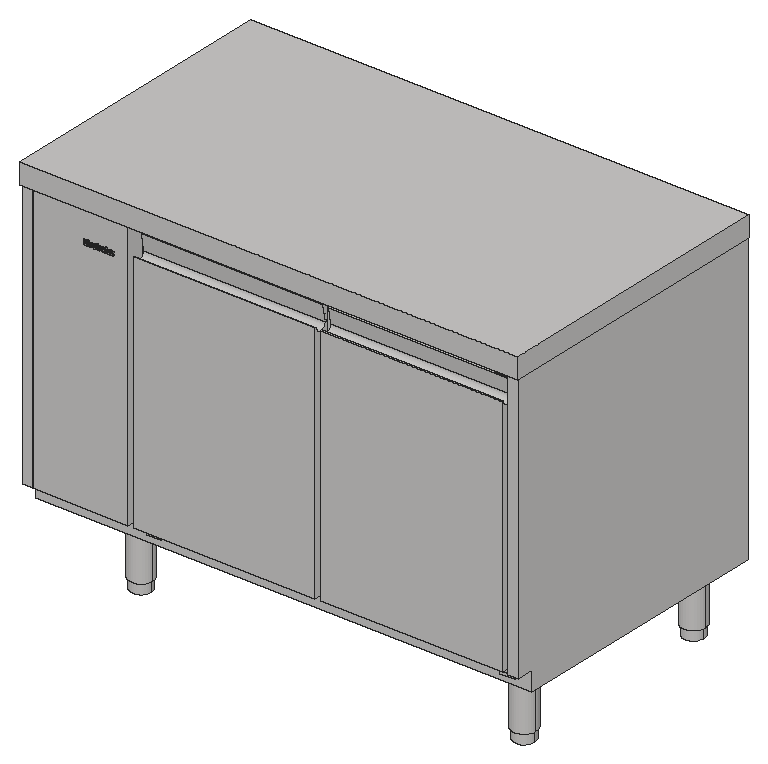
Revit family "QF_ELECTROLUXPROFESSIONAL_710294_EH2MRAA", category Specialty Equipment, Revit 2018
Family settings
  Round Connector Dimension = Use Diameter
  Part Type = Normal
  Work Plane-Based = No
  Always vertical = Yes
  Cut with Voids When Loaded = No
  Shared = No
  Room Calculation Point = No
Parameters
  Weight = 0.00 kg
  Watts = 0 W
  Volts = 220 V
  URL Manufacturer = "http://professional.electrolux.com/"
  URL = "http://professional.electrolux.com/"
  Steam Supply Size = 0 mm
  Steam Supply Minimum Pressure = 0.0 Pa
  Steam Supply Maximum Pressure = 0.0 Pa
  Steam Pounds per Hour = 0
  Show Logo [instance] = yes
  Show Clearance [instance] = yes
  Refrigeration Suction Line Size = 0 mm
  Refrigeration Liquid Line Size = 0 mm
  Refrigerant Compressor Remote = yes
  Manufacturer = "Electrolux"
  Phase = 1
  Model = "EH2RRAA"
  Length Actual = 1207 mm  # constant formula
  Item Number = "710003"
  Hot Water Size = 0 mm
  Height Actual = 900 mm  # constant formula
  HP = "0.1 HP"
  Gas Size = 0 mm
  Gas KW = 0
  Gas Input Pressure = 0 W
  Direct Waste Size = 0 mm
  Description = "REFRIGER.COUNTER 290LT 2DOOR, REMOTE"
  Depth Actual = 700 mm  # constant formula
  Cycle = 0 Hz
  Condensate Return Size = 0 mm
  Compressed Air Volume = 0.0 L/s
  Compressed Air Size = 0 mm
  Compressed Air Pressure = 0.0 Pa
  Cold Water Size = 0 mm
  Accessory = yes
Reference planes
  plane 1 "Center X": y = 182.5
  plane 2: z = 0
  plane 3 "Center Y": x = -57.5
  plane 4: y = -62.5
  plane 5: y = 451.5
  plane 6 "BACK": y = 532.5
  plane 7 "FRONT": y = -167.5
  plane 8: x = -452
  plane 9: x = 478
  plane 10: z = 150
  plane 11 "TOP": z = 900
  plane 12: z = 850
  plane 13: x = -659
  plane 14: x = 544
  plane 15 "LEFT": x = -661
  plane 16 "RIGHT": x = 546
Forms (mm)
  Extrusion 1, solid, material "QF_Finishes_Stainless Steel"
    sketch origin (-57.5, 2, 0) x (0, 1, 0) y (0, 0, 1)
      loop
        line (530.5, 150) -> (530.5, 850) -> (-124.5, 850) -> (-124.5, 150) -> (530.5, 150)
    from -601.5 to 601.5
  Extrusion 2, solid, material "QF_Finishes_Stainless Steel"
    sketch origin (-1022.223, -1524, 150) x (-1, 0, 0) y (0, -1, 0)
      loop
        line (-363.223, -1361.5) -> (-388.223, -1361.5) -> (-388.223, -1401.5) -> (-363.223, -1401.5) -> (-363.223, -1361.5)
      loop
        line (-1566.223, -1401.5) -> (-1541.223, -1401.5) -> (-1541.223, -1361.5) -> (-1566.223, -1361.5) -> (-1566.223, -1401.5)
    from 47 to 700
  Extrusion 3, solid, material "QF_Finishes_Stainless Steel"
    sketch origin (0, 0, 900) x (-1, 0, 0) y (0, -1, 0)
      loop
        circle (-57, -94.5) r 8.45
    from -790.577 to -750
  Extrusion 4, solid, material "QF_Finishes_Stainless Steel"
    sketch origin (0, 0, 0) x (1, 0, 0) y (0, 1, 0)
      loop
        circle (-594, 207.5) r 8.45
    from 127.77 to 150
  Extrusion 5, solid, material "QF_Finishes_Stainless Steel"
    sketch origin (0, 0, 0) x (1, 0, 0) y (0, 1, 0)
      loop
        circle (-578, 162.5) r 4.75
    from 347 to 367
  Extrusion 6, solid, material "QF_Finishes_Stainless Steel"
    sketch origin (0, 0, 0) x (1, 0, 0) y (0, 1, 0)
      loop
        circle (-531, 4.5) r 4
    from 709 to 729
  Extrusion 7, solid, material "QF_Finishes_Stainless Steel"
    sketch origin (0, 0, 0) x (1, 0, 0) y (0, 1, 0)
      loop
        circle (-553, 159.5) r 4
    from 397 to 417
  Extrusion 8, solid, material "QF_Finishes_Stainless Steel"
    sketch origin (-57.5, 0, 0) x (0, 1, 0) y (0, 0, 1)
      loop
        line (-167.5, 900) -> (-167.5, 850) -> (532.5, 850) -> (532.5, 900) -> (-167.5, 900)
    from -603.5 to 603.5
Cuts and joins
  joined: Extrusion 1, Extrusion 2
Lines and regions (mm)
  symbolic lines, style "SpecialityEquipmentHiddenLines"
    curve 1: line (-661, -122.5, 900) -> (546, -122.5, 900)
    curve 2: line (-396, -167.5, 900) -> (-396, -122.5, 900)
  symbolic lines, style "SpecialityEquipment"
    curve 3: line (-661, 532.5, 900) -> (546, 532.5, 900)
    curve 4: line (-661, 532.5, 900) -> (-661, -167.5, 900)
    curve 5: line (-661, -167.5, 900) -> (546, -167.5, 900)
    curve 6: line (546, -167.5, 900) -> (546, 532.5, 900)
Dimensions and locks
  locked: plane 6 "BACK" to plane 7 "FRONT" at 700
  equal spacing: plane 6 "BACK", plane 1 "Center X", plane 7 "FRONT"
  locked: plane 6 "BACK" to plane 5 at 81
  plane 10 to level = 150 mm
  plane 11 "TOP" to plane 12 to plane 10 = 50 mm locked, 700 mm locked
  locked: Extrusion 2 sketch curve to Extrusion 2 sketch curve at 25  (x2)
  locked: plane 4 to plane 7 "FRONT" at 105
  locked: plane 6 "BACK" to Extrusion 3 sketch curve at 438
  equal spacing: plane 13, plane 3 "Center Y", plane 14
  plane 15 "LEFT" to plane 16 "RIGHT" = 1207 mm
  locked: plane 13 to plane 8 at 207
  locked: plane 9 to plane 14 at 66
  locked: Extrusion 3 sketch curve to plane 14 at 487
  plane 6 "BACK" to Extrusion 4 sketch curve = 325 mm
  locked: plane 13 to Extrusion 4 sketch curve at 65
  locked: plane 13 to Extrusion 7 sketch curve at 106
  locked: plane 6 "BACK" to Extrusion 7 sketch curve at 373
  locked: plane 6 "BACK" to Extrusion 5 sketch curve at 370
  locked: plane 13 to Extrusion 5 sketch curve at 81
  plane 13 to Extrusion 6 sketch curve = 128 mm
  plane 6 "BACK" to Extrusion 6 sketch curve = 528 mm
  locked: plane 10 to Extrusion 4 at 22.23
  cut or joined group of Extrusion 1, Extrusion 2 to Extrusion 5 to Extrusion 5 to Extrusion 7 to Extrusion 7 to Extrusion 6 to Extrusion 6 = 197 mm locked, 20 mm locked, 30 mm locked, 20 mm locked, 292 mm locked, 20 mm locked
  aligned and locked: level to plane 2
  aligned and locked: plane 10 to Extrusion 3
  aligned and locked: nested 4 to plane 4
  aligned and locked: nested 1 to plane 4
  aligned and locked: nested 3 to plane 5
  aligned and locked: nested 2 to plane 5
  aligned and locked: plane 8 to nested 1
  aligned and locked: plane 8 to nested 2
  aligned and locked: plane 9 to nested 4
  aligned and locked: plane 9 to nested 3
  aligned and locked: Extrusion 1 to Extrusion 2
  aligned and locked: Extrusion 2 to Extrusion 1
  aligned and locked: Extrusion 2 sketch curve to plane 14
  aligned and locked: plane 13 to Extrusion 2 sketch curve
  aligned and locked: plane 12 to nested 5
  aligned and locked: cut or joined group of Extrusion 1, Extrusion 2 to plane 10
  aligned and locked: plane 12 to cut or joined group of Extrusion 1, Extrusion 2
  aligned and locked: plane 10 to Extrusion 4
  aligned and locked: Extrusion 8 to plane 15 "LEFT"
  aligned and locked: plane 6 "BACK" to Extrusion 8
  aligned and locked: plane 16 "RIGHT" to Extrusion 8
  aligned and locked: Extrusion 8 to plane 7 "FRONT"
  aligned and locked: plane 11 "TOP" to Extrusion 8
  aligned and locked: Extrusion 8 to plane 12
  aligned and locked: nested 8 to plane 7 "FRONT"
  aligned and locked: plane 14 to nested 8
Automatic sketch dimensions
  Extrusion 1 sketch curve to plane 10 = 0 mm
  Extrusion 1 sketch curve to plane 12 = 0 mm
  Extrusion 1 sketch curve to plane 6 "BACK" = 0 mm
  plane 7 "FRONT" to Extrusion 1 sketch curve = 45 mm
  plane 7 "FRONT" to Extrusion 2 sketch curve = 45 mm  (x2)
  plane 7 "FRONT" to Extrusion 2 sketch curve = 5 mm  (x2)
  curve 6 to plane 6 "BACK" = 0 mm
  curve 6 to plane 16 "RIGHT" = 0 mm
  curve 2 to plane 7 "FRONT" = 0 mm
  curve 5 to plane 15 "LEFT" = 0 mm
  plane 8 to curve 2 = 56 mm
  plane 7 "FRONT" to curve 1 = 45 mm
  Extrusion 8 sketch curve to plane 7 "FRONT" = 0 mm
  Extrusion 8 sketch curve to plane 6 "BACK" = 0 mm
  Extrusion 8 sketch curve to plane 12 = 0 mm
  Extrusion 8 sketch curve to plane 11 "TOP" = 0 mm
  radius of Extrusion 3 sketch curve = 8.45 mm
  radius of Extrusion 4 sketch curve = 8.45 mm
  radius of Extrusion 5 sketch curve = 4.75 mm
  radius of Extrusion 6 sketch curve = 4 mm
  radius of Extrusion 7 sketch curve = 4 mm
Nested families
  nested 1: "Foot_Ø50_H150" at (-452, -62.5, 0), type "Foot_Ø50_H150"
  nested 2: "Foot_Ø50_H150" at (-452, 451.5, 0), type "Foot_Ø50_H150"
  nested 3: "Foot_Ø50_H150" at (478, 451.5, 0), type "Foot_Ø50_H150"
  nested 4: "Foot_Ø50_H150" at (478, -62.5, 0), type "Foot_Ø50_H150"
  nested 5: "ELX_Cooling Unit_Remote" at (-518.5, -164.5, 0), Show Logo <- "Show Logo", type "ELX_Cooling Unit_Remote"
  nested 6: "Door" at (285, -164.5, 0), Show Clearance <- "Show Clearance", type "Door"
  nested 7: "Door" at (-169, -164.5, 0) x (-1, 0, 0) z (0, 0, 1), Show Clearance <- "Show Clearance", type "Door"
  nested 8: "Refrigerator" at (544, -167.5, 900), type "Refrigerator"
Connectors
  piping at (-594, 207.5, 127.77), diameter 17
    settings: on Extrusion 4, index 1, connector inside diameter 609.6 mm, connector length 0 mm, flow factor 0, pipe flow 0.0 L/s, pressure drop 0.0 Pa, fitting loss kfactor 0, connector angle 0.00°, fixture units 0, engagement length 0 mm, angle of deflection 0.00°, flow configuration 1, flow direction 2, fitting loss method 0, system type 16, joint type 0, gender type 0, connector reference index -1, connector utility 0, adjustable connector no, is connector primary yes, connector description "Drain"
  piping at (-578, 162.5, 347), diameter 2895.6
    settings: on Extrusion 5, index 2, connector inside diameter 609.6 mm, connector length 0 mm, flow factor 0, pipe flow 0.0 L/s, pressure drop 0.0 Pa, fitting loss kfactor 0, connector angle 0.00°, fixture units 0, engagement length 0 mm, angle of deflection 0.00°, flow configuration 1, flow direction 2, fitting loss method 0, system type 8, joint type 0, gender type 0, connector reference index -1, connector utility 0, adjustable connector no, is connector primary no, connector description "Refrigerant Outlet"
  piping at (-553, 159.5, 397), diameter 2438.4
    settings: on Extrusion 7, index 3, connector inside diameter 609.6 mm, connector length 0 mm, flow factor 0, pipe flow 0.0 L/s, pressure drop 0.0 Pa, fitting loss kfactor 0, connector angle 0.00°, fixture units 0, engagement length 0 mm, angle of deflection 0.00°, flow configuration 1, flow direction 1, fitting loss method 0, system type 7, joint type 0, gender type 0, connector reference index -1, connector utility 0, adjustable connector no, is connector primary no, connector description "Refrigerant Inlet"
  electrical at (-531, 4.5, 709)
    settings: on Extrusion 6, index 4, voltage 0 V, apparent load 0 VA, apparent load phase1 0 VA, apparent load phase2 0 VA, apparent load phase3 0 VA, power factor 1, load classification "Altro", number of poles 1, system type 30, power factor state 1, is connector primary yes, connector utility no, sub classification motor no, connector description "Electrical Connection"
  piping at (57, 94.5, 109.423), diameter 17
    settings: on Extrusion 3, index 5, connector inside diameter 609.6 mm, connector length 0 mm, flow factor 0, pipe flow 0.0 L/s, pressure drop 0.0 Pa, fitting loss kfactor 0, connector angle 0.00°, fixture units 0, engagement length 0 mm, angle of deflection 0.00°, flow configuration 1, flow direction 2, fitting loss method 0, system type 16, joint type 0, gender type 0, connector reference index -1, connector utility 0, adjustable connector no, is connector primary no, connector description "Drain"
Definition of nested family "Foot_Ø50_H150"
  Reference planes
    plane 1 "Centro (Fronte/Retro)": y = 0
    plane 2: z = 0
    plane 3 "Centro (Sinistra/Destra)": x = 0
    plane 4: z = 150
  Forms (mm)
    Revolve 1, solid
      sketch origin (255.05, 0, 608.09) x (0, 0, 1) y (-1, 0, 0)
        loop
          line (-608.09, 255.05) -> (-608.09, 230.05) -> (-583.09, 230.05) -> (-583.09, 226.05) -> (-458.09, 226.05) -> (-458.09, 255.05) -> (-608.09, 255.05)
        axis (-608.09, 255.05) -> (-458.09, 255.05)
      angle from 0 to 360
  Dimensions and locks
    locked: Revolve 1 sketch curve to Revolve 1 sketch curve at 125
    aligned and locked: level to plane 2
    aligned and locked: plane 4 to Revolve 1 sketch curve
    aligned and locked: Revolve 1 sketch curve to level
    aligned and locked: plane 3 "Centro (Sinistra/Destra)" to Revolve 1 sketch curve
Definition of nested family "ELX_Cooling Unit_Remote"
  Parameters
    Show Logo [instance] = yes
  Reference planes
    plane 1 "FRONT": y = -3
    plane 2: z = 0
    plane 3 "Centro (Sinistra/Destra)": x = 0
    plane 4: z = 150
    plane 5: z = 850
    plane 6: x = -115.5
    plane 7: x = 115.5
  Forms (mm)
    Extrusion 1, solid
      sketch origin (0, 55, 511) x (0, 0, 1) y (0, -1, 0)
        loop
          line (-314, 53) -> (-314, 13) -> (339, 13) -> (339, 53) -> (-314, 53)
      from -115.5 to 115.5
  Lines and regions (mm)
    Split face 1
      outline origin (0, 2, 197) x (0, 0, 1) y (-1, 0, 0)
        loop
          line (622.361, 88.738) -> (620.361, 90.738) -> (551.361, 90.738) -> (549.361, 88.738) -> (549.361, -88.738) -> (551.361, -90.738) -> (620.361, -90.738) -> (622.361, -88.738) -> (622.361, 88.738)
    Split face 2
      outline origin (0, 2, 197) x (0, 0, 1) y (-1, 0, 0)
        loop
          line (601.861, 71.967) -> (561.861, 71.967) -> (561.861, 6.967) -> (601.861, 6.967) -> (601.861, 71.967)
    Split face 3
      outline origin (0, 2, 197) x (0, 0, 1) y (-1, 0, 0)
        loop
          line (611.961, -90.738) -> (611.961, -8.712) -> (617.061, 0.121) -> (617.061, 90.738)
  Dimensions and locks
    aligned and locked: level to plane 2
  Nested families
    nested 1: "ELX_Logo_S_New" at (45.369, 2, 777.661) x (1, 0, 0) z (0, -1, 0), type "ELX_Logo_S_New"
  Definition of nested family "ELX_Logo_S_New"
    Parameters
      Default Elevation = 0 mm
    Reference planes
      plane 1 "Centro (Fronte/Retro)": y = 0
      plane 2: z = 0
      plane 3 "Centro (Sinistra/Destra)": x = 0
    Forms (mm)
      Extrusion 1, solid
        sketch origin (0, 0, 0) x (1, 0, 0) y (0, 1, 0)
          loop
            line (-1219.2, 1219.2) -> (-1219.2, -1219.2) -> (1219.2, -1219.2) -> (1219.2, 1219.2) -> (-1219.2, 1219.2)
        from 0 to -304.8
      Extrusion 2, solid
        sketch origin (0, 0, 0) x (1, 0, 0) y (0, 1, 0)
          loop
            spline (-32.537, -4.135) -> (-32.702, -4.128) -> (-32.877, -4.105) -> (-33.059, -4.064) -> (-33.242, -4.002) -> (-33.422, -3.916) -> (-33.593, -3.803) -> (-33.751, -3.66) -> (-33.891, -3.486) -> (-34.008, -3.276) -> (-34.098, -3.029) -> (-34.155, -2.741) -> (-34.176, -2.41)
            line (-34.176, -2.41) -> (-34.176, -0.943) -> (-29.331, -0.943) -> (-29.331, 0.928) -> (-34.176, 0.928) -> (-34.176, 3.652) -> (-29.023, 3.652) -> (-29.023, 5.518) -> (-36.159, 5.518) -> (-36.159, -2.326)
            spline (-36.159, -2.326) -> (-36.142, -2.808) -> (-36.088, -3.263) -> (-35.996, -3.688) -> (-35.867, -4.083) -> (-35.698, -4.445) -> (-35.489, -4.773) -> (-35.239, -5.066) -> (-34.946, -5.322) -> (-34.61, -5.539) -> (-34.23, -5.716) -> (-33.804, -5.851) -> (-33.332, -5.943)
            line (-33.332, -5.943) -> (-32.554, -5.999) -> (-28.885, -5.999) -> (-28.885, -4.135) -> (-32.537, -4.135)
          loop
            line (-27.476, 0.076) -> (-27.476, -6.002) -> (-25.492, -6.002) -> (-25.492, 5.521) -> (-27.476, 5.521) -> (-27.476, 0.076)
          loop
            spline (-15.702, -2.321) -> (-15.689, -1.697) -> (-15.749, -1.094) -> (-15.879, -0.516) -> (-16.078, 0.029) -> (-16.341, 0.538) -> (-16.668, 1.004) -> (-17.055, 1.422) -> (-17.5, 1.786) -> (-17.999, 2.091) -> (-18.552, 2.331) -> (-19.154, 2.5) -> (-19.804, 2.594)
            spline (-19.804, 2.594) -> (-20.422, 2.558) -> (-21.009, 2.453) -> (-21.56, 2.28) -> (-22.072, 2.042) -> (-22.54, 1.743) -> (-22.96, 1.385) -> (-23.327, 0.97) -> (-23.638, 0.502) -> (-23.887, -0.018) -> (-24.07, -0.586) -> (-24.183, -1.2) -> (-24.222, -1.857)
            spline (-24.222, -1.857) -> (-24.184, -2.498) -> (-24.074, -3.097) -> (-23.895, -3.652) -> (-23.651, -4.16) -> (-23.344, -4.618) -> (-22.979, -5.023) -> (-22.559, -5.374) -> (-22.087, -5.667) -> (-21.567, -5.899) -> (-21.003, -6.068) -> (-20.397, -6.172) -> (-19.754, -6.207)
            spline (-19.754, -6.207) -> (-19.44, -6.2) -> (-19.13, -6.176) -> (-18.823, -6.135) -> (-18.52, -6.074) -> (-18.221, -5.993) -> (-17.925, -5.89) -> (-17.634, -5.762) -> (-17.346, -5.609) -> (-17.062, -5.43) -> (-16.782, -5.221) -> (-16.506, -4.983) -> (-16.234, -4.713)
            line (-16.234, -4.713) -> (-17.429, -3.55)
            spline (-17.429, -3.55) -> (-17.587, -3.702) -> (-17.745, -3.841) -> (-17.906, -3.967) -> (-18.07, -4.08) -> (-18.239, -4.181) -> (-18.415, -4.268) -> (-18.599, -4.343) -> (-18.792, -4.404) -> (-18.996, -4.452) -> (-19.213, -4.486) -> (-19.443, -4.506) -> (-19.688, -4.513)
            spline (-19.688, -4.513) -> (-20.047, -4.496) -> (-20.383, -4.443) -> (-20.696, -4.358) -> (-20.984, -4.24) -> (-21.246, -4.092) -> (-21.479, -3.915) -> (-21.683, -3.711) -> (-21.856, -3.48) -> (-21.997, -3.224) -> (-22.104, -2.945) -> (-22.176, -2.643) -> (-22.212, -2.321)
            line (-22.212, -2.321) -> (-15.702, -2.321)
          loop
            spline (-17.695, -0.926) -> (-17.714, -0.681) -> (-17.771, -0.445) -> (-17.861, -0.221) -> (-17.984, -0.01) -> (-18.135, 0.184) -> (-18.314, 0.36) -> (-18.516, 0.516) -> (-18.741, 0.648) -> (-18.984, 0.755) -> (-19.244, 0.834) -> (-19.518, 0.883) -> (-19.804, 0.9)
            spline (-19.804, 0.9) -> (-20.11, 0.884) -> (-20.405, 0.835) -> (-20.686, 0.757) -> (-20.95, 0.652) -> (-21.195, 0.521) -> (-21.419, 0.367) -> (-21.618, 0.192) -> (-21.79, -0.003) -> (-21.934, -0.214) -> (-22.045, -0.439) -> (-22.122, -0.678) -> (-22.162, -0.926)
            line (-22.162, -0.926) -> (-17.695, -0.926)
          loop
            spline (-12.669, -1.807) -> (-12.646, -1.438) -> (-12.58, -1.088) -> (-12.472, -0.759) -> (-12.326, -0.455) -> (-12.145, -0.177) -> (-11.93, 0.072) -> (-11.685, 0.289) -> (-11.412, 0.473) -> (-11.114, 0.62) -> (-10.793, 0.728) -> (-10.453, 0.794) -> (-10.095, 0.817)
            spline (-10.095, 0.817) -> (-9.876, 0.81) -> (-9.665, 0.79) -> (-9.464, 0.756) -> (-9.271, 0.709) -> (-9.086, 0.65) -> (-8.908, 0.578) -> (-8.737, 0.495) -> (-8.572, 0.399) -> (-8.414, 0.292) -> (-8.261, 0.173) -> (-8.113, 0.044) -> (-7.969, -0.096)
            line (-7.969, -0.096) -> (-6.741, 1.183)
            spline (-6.741, 1.183) -> (-6.985, 1.427) -> (-7.237, 1.647) -> (-7.496, 1.843) -> (-7.762, 2.015) -> (-8.034, 2.164) -> (-8.312, 2.291) -> (-8.596, 2.397) -> (-8.886, 2.482) -> (-9.181, 2.546) -> (-9.481, 2.592) -> (-9.786, 2.619) -> (-10.095, 2.627)
            spline (-10.095, 2.627) -> (-10.715, 2.589) -> (-11.308, 2.476) -> (-11.871, 2.294) -> (-12.396, 2.046) -> (-12.88, 1.736) -> (-13.316, 1.369) -> (-13.7, 0.949) -> (-14.026, 0.48) -> (-14.289, -0.035) -> (-14.483, -0.59) -> (-14.604, -1.182) -> (-14.645, -1.807)
            spline (-14.645, -1.807) -> (-14.604, -2.431) -> (-14.483, -3.023) -> (-14.289, -3.578) -> (-14.026, -4.093) -> (-13.7, -4.562) -> (-13.316, -4.983) -> (-12.88, -5.35) -> (-12.396, -5.659) -> (-11.871, -5.907) -> (-11.308, -6.09) -> (-10.715, -6.202) -> (-10.095, -6.24)
            spline (-10.095, -6.24) -> (-9.786, -6.232) -> (-9.481, -6.205) -> (-9.181, -6.16) -> (-8.886, -6.095) -> (-8.596, -6.01) -> (-8.312, -5.904) -> (-8.034, -5.777) -> (-7.762, -5.628) -> (-7.496, -5.456) -> (-7.237, -5.26) -> (-6.985, -5.04) -> (-6.741, -4.796)
            line (-6.741, -4.796) -> (-7.969, -3.517)
            spline (-7.969, -3.517) -> (-8.113, -3.657) -> (-8.261, -3.786) -> (-8.414, -3.905) -> (-8.572, -4.012) -> (-8.737, -4.108) -> (-8.908, -4.192) -> (-9.086, -4.263) -> (-9.271, -4.323) -> (-9.464, -4.369) -> (-9.665, -4.403) -> (-9.876, -4.423) -> (-10.095, -4.43)
            spline (-10.095, -4.43) -> (-10.453, -4.408) -> (-10.793, -4.341) -> (-11.114, -4.233) -> (-11.412, -4.086) -> (-11.685, -3.902) -> (-11.93, -3.685) -> (-12.145, -3.436) -> (-12.326, -3.158) -> (-12.472, -2.854) -> (-12.58, -2.526) -> (-12.646, -2.176) -> (-12.669, -1.807)
          loop
            spline (-1.683, -4.138) -> (-1.858, -4.14) -> (-2.045, -4.127) -> (-2.24, -4.095) -> (-2.438, -4.04) -> (-2.633, -3.959) -> (-2.822, -3.85) -> (-2.998, -3.709) -> (-3.157, -3.533) -> (-3.294, -3.318) -> (-3.404, -3.061) -> (-3.483, -2.76) -> (-3.524, -2.411)
            line (-3.524, -2.411) -> (-3.524, 0.529) -> (-1.72, 0.529) -> (-1.72, 2.331) -> (-3.522, 2.331) -> (-3.522, 5.521) -> (-5.506, 5.521) -> (-5.506, -2.523)
            spline (-5.506, -2.523) -> (-5.463, -2.99) -> (-5.386, -3.429) -> (-5.274, -3.839) -> (-5.126, -4.218) -> (-4.941, -4.564) -> (-4.717, -4.877) -> (-4.455, -5.155) -> (-4.153, -5.396) -> (-3.81, -5.599) -> (-3.425, -5.762) -> (-2.998, -5.884) -> (-2.528, -5.964)
            line (-2.528, -5.964) -> (-1.69, -6.002) -> (-1.683, -4.138)
          loop
            spline (4.991, 2.446) -> (4.648, 2.468) -> (4.318, 2.461) -> (4.001, 2.429) -> (3.699, 2.371) -> (3.413, 2.288) -> (3.142, 2.182) -> (2.89, 2.052) -> (2.655, 1.901) -> (2.439, 1.728) -> (2.244, 1.535) -> (2.069, 1.322) -> (1.917, 1.091)
            line (1.917, 1.091) -> (1.917, 2.33) -> (-0.051, 2.33) -> (-0.051, -6.002) -> (1.917, -6.002) -> (1.917, -1.621)
            spline (1.917, -1.621) -> (1.935, -1.288) -> (1.988, -0.979) -> (2.075, -0.693) -> (2.195, -0.432) -> (2.345, -0.197) -> (2.526, 0.01) -> (2.736, 0.189) -> (2.972, 0.338) -> (3.235, 0.456) -> (3.522, 0.541) -> (3.832, 0.594) -> (4.165, 0.611)
            line (4.165, 0.611) -> (4.991, 0.529) -> (4.991, 2.446)
          loop
            spline (14.388, -1.836) -> (14.347, -1.224) -> (14.226, -0.642) -> (14.031, -0.093) -> (13.768, 0.418) -> (13.441, 0.887) -> (13.057, 1.308) -> (12.621, 1.677) -> (12.137, 1.989) -> (11.612, 2.24) -> (11.051, 2.425) -> (10.459, 2.539) -> (9.842, 2.578)
            spline (9.842, 2.578) -> (9.221, 2.539) -> (8.627, 2.425) -> (8.064, 2.24) -> (7.539, 1.989) -> (7.056, 1.677) -> (6.62, 1.308) -> (6.237, 0.887) -> (5.912, 0.418) -> (5.65, -0.093) -> (5.456, -0.642) -> (5.336, -1.224) -> (5.295, -1.836)
            spline (5.295, -1.836) -> (5.336, -2.447) -> (5.456, -3.029) -> (5.65, -3.578) -> (5.912, -4.089) -> (6.237, -4.558) -> (6.62, -4.979) -> (7.056, -5.348) -> (7.539, -5.66) -> (8.064, -5.911) -> (8.627, -6.096) -> (9.221, -6.211) -> (9.842, -6.25)
            spline (9.842, -6.25) -> (10.459, -6.211) -> (11.051, -6.096) -> (11.612, -5.911) -> (12.137, -5.66) -> (12.621, -5.348) -> (13.057, -4.979) -> (13.441, -4.558) -> (13.768, -4.089) -> (14.031, -3.578) -> (14.226, -3.029) -> (14.347, -2.447) -> (14.388, -1.836)
          loop
            spline (12.42, -1.836) -> (12.397, -1.475) -> (12.33, -1.131) -> (12.222, -0.807) -> (12.075, -0.504) -> (11.893, -0.227) -> (11.677, 0.022) -> (11.431, 0.241) -> (11.157, 0.426) -> (10.859, 0.575) -> (10.538, 0.685) -> (10.198, 0.753) -> (9.842, 0.777)
            spline (9.842, 0.777) -> (9.482, 0.753) -> (9.14, 0.685) -> (8.818, 0.575) -> (8.519, 0.426) -> (8.246, 0.241) -> (8.001, 0.022) -> (7.786, -0.227) -> (7.605, -0.504) -> (7.459, -0.807) -> (7.352, -1.131) -> (7.286, -1.475) -> (7.263, -1.836)
            spline (7.263, -1.836) -> (7.286, -2.196) -> (7.352, -2.54) -> (7.459, -2.865) -> (7.605, -3.167) -> (7.786, -3.444) -> (8.001, -3.694) -> (8.246, -3.912) -> (8.519, -4.098) -> (8.818, -4.247) -> (9.14, -4.357) -> (9.482, -4.425) -> (9.842, -4.448)
            spline (9.842, -4.448) -> (10.198, -4.425) -> (10.538, -4.357) -> (10.859, -4.247) -> (11.157, -4.098) -> (11.431, -3.912) -> (11.677, -3.694) -> (11.893, -3.444) -> (12.075, -3.167) -> (12.222, -2.865) -> (12.33, -2.54) -> (12.397, -2.196) -> (12.42, -1.836)
          loop
            line (15.608, 0.275) -> (15.608, -6.002) -> (17.593, -6.002) -> (17.593, 5.521) -> (15.608, 5.521) -> (15.608, 0.275)
          loop
            line (24.747, 2.33) -> (24.747, -2.513)
            spline (24.747, -2.513) -> (24.731, -2.828) -> (24.685, -3.112) -> (24.61, -3.366) -> (24.507, -3.59) -> (24.38, -3.785) -> (24.229, -3.952) -> (24.056, -4.091) -> (23.863, -4.203) -> (23.652, -4.29) -> (23.425, -4.35) -> (23.183, -4.386) -> (22.928, -4.398)
            spline (22.928, -4.398) -> (22.674, -4.386) -> (22.432, -4.35) -> (22.205, -4.29) -> (21.994, -4.204) -> (21.802, -4.092) -> (21.629, -3.954) -> (21.478, -3.788) -> (21.35, -3.595) -> (21.248, -3.373) -> (21.173, -3.122) -> (21.126, -2.841) -> (21.11, -2.53)
            line (21.11, -2.53) -> (21.11, 2.33) -> (19.11, 2.33) -> (19.11, -2.696)
            spline (19.11, -2.696) -> (19.145, -3.265) -> (19.248, -3.783) -> (19.413, -4.25) -> (19.636, -4.667) -> (19.912, -5.033) -> (20.236, -5.349) -> (20.603, -5.616) -> (21.008, -5.833) -> (21.446, -6.001) -> (21.913, -6.121) -> (22.403, -6.193) -> (22.912, -6.217)
            spline (22.912, -6.217) -> (23.425, -6.193) -> (23.92, -6.12) -> (24.39, -5.998) -> (24.832, -5.828) -> (25.241, -5.607) -> (25.611, -5.337) -> (25.937, -5.016) -> (26.216, -4.645) -> (26.441, -4.222) -> (26.608, -3.749) -> (26.711, -3.223) -> (26.747, -2.646)
            line (26.747, -2.646) -> (26.747, 2.33) -> (24.747, 2.33)
          loop
            line (34.253, -3.337) -> (33.002, -1.588) -> (34.551, 0.523) -> (35.878, 2.33) -> (33.713, 2.33) -> (31.91, -0.166) -> (30.092, 2.33) -> (27.943, 2.33) -> (29.175, 0.645) -> (30.82, -1.604) -> (29.096, -4.004) -> (27.662, -6.002) -> (29.794, -6.002) -> (31.91, -3.059) -> (34.027, -6.002) -> (36.159, -6.002) -> (34.253, -3.337)
        from 0 to 1.644
    Dimensions and locks
      aligned and locked: plane 2 to Extrusion 1
      aligned and locked: level to Extrusion 1
Definition of nested family "Door"
  Parameters
    Show Clearance [instance] = yes
  Reference planes
    plane 1 "FRONT": y = -3
    plane 2: z = 0
    plane 3 "Centro (Sinistra/Destra)": x = 0
    plane 4: z = 150
    plane 5: z = 850
    plane 6: x = -234
    plane 7: x = 234
    plane 8: x = -220
    plane 9: x = 220
  Forms (mm)
    Extrusion 1, solid
      sketch origin (0, 53, 511) x (0, 0, 1) y (0, -1, 0)
        loop
          line (-323.003, 28.5) -> (-316.501, 28.5) -> (-316.501, 31) -> (-325.503, 31) -> (-325.503, 13.5) -> (-345.503, 13.5) -> (-345.503, 11) -> (-323.003, 11) -> (-323.003, 23.259) -> (-323.003, 28.5)
        loop
          line (-314, 27) -> (-316.501, 27) -> (-316.501, 18.501) -> (-319.752, 18.501) -> (-319.752, 16) -> (-314, 16) -> (-314, 27)
        loop
          line (315.003, 27) -> (315.003, 13.948) -> (315.003, 11) -> (327.503, 11) -> (327.503, 13.5) -> (317.503, 13.5) -> (317.503, 27) -> (315.003, 27)
      from 185 to 220
    Extrusion 2, solid, visible <- "Show Clearance", detail levels coarse
      sketch origin (0, 53, 511) x (0, -1, 0) y (1, 0, 0)
        loop
          line (51, 220) -> (51, -220)
          arc (51, -220) -> (339.234, -79.44) -> (454, 220) r 437.168
          line (454, 220) -> (51, 220)
      from -314 to 314
    Extrusion 3, solid
      sketch origin (0, 55, 511) x (0, 0, 1) y (0, -1, 0)
        loop
          line (314, 18) -> (314, 29) -> (274.395, 22.5)
          arc (274.395, 22.5) -> (260.395, 36.5) -> (274.395, 50.5) r 14
          line (274.395, 50.5) -> (274.395, 53) -> (-314, 53) -> (-314, 18) -> (314, 18)
      from -220 to 220
  Lines and regions (mm)
    symbolic lines
      curve 1: line (220, -3, 0) -> (220, -401, 0)
      curve 2: line (220, -401, 0) -> (185, -401, 0)
      curve 3: line (185, -401, 0) -> (185, -3, 0)
      curve 4: arc (-219.722, -3, 0) -> (-89.51, -275.368, 0) -> (185, -401, 0) r 442.855
  Dimensions and locks
    aligned and locked: level to plane 2
Definition of nested family "Refrigerator"
  Reference planes
    plane 1 "Center (Front/Back)": y = 0
    plane 2: z = 0
    plane 3 "Center (Left/Right)": x = 0
  Lines and regions (mm)
    detail lines, in view "Ref. Level"
      curve 1: spline (-500, 190, 0) -> (-493.185, 166.706, 0) -> (-473.205, 145, 0) -> (-441.421, 126.36, 0) -> (-400, 112.058, 0) -> (-351.764, 103.067, 0) -> (-300, 100, 0) -> (-248.236, 103.067, 0) -> (-200, 112.058, 0) -> (-158.579, 126.36, 0) -> (-126.795, 145, 0) -> (-106.815, 166.706, 0) -> (-100, 190, 0) -> (-106.815, 213.294, 0) -> (-126.795, 235, 0) -> (-158.579, 253.64, 0) -> (-200, 267.942, 0) -> (-248.236, 276.933, 0) -> (-300, 280, 0) -> (-351.764, 276.933, 0) -> (-400, 267.942, 0) -> (-441.421, 253.64, 0) -> (-473.205, 235, 0) -> (-493.185, 213.294, 0) -> (-500, 190, 0)
      curve 2: line (-300, 130, 0) -> (-300, 250, 0)
      curve 3: line (-351.962, 220, 0) -> (-248.038, 160, 0)
      curve 4: line (-351.962, 160, 0) -> (-248.038, 220, 0)
      curve 5: line (-280.884, 246.873, 0) -> (-300, 225, 0)
      curve 6: line (-300, 225, 0) -> (-319.116, 246.873, 0)
      curve 7: line (-330.311, 207.5, 0) -> (-339.696, 234.992, 0)
      curve 8: line (-358.812, 201.882, 0) -> (-330.311, 207.5, 0)
      curve 9: line (-330.311, 172.5, 0) -> (-358.812, 178.118, 0)
      curve 10: line (-339.696, 145.008, 0) -> (-330.311, 172.5, 0)
      curve 11: line (-300, 155, 0) -> (-319.116, 133.127, 0)
      curve 12: line (-280.884, 133.127, 0) -> (-300, 155, 0)
      curve 13: line (-269.689, 172.5, 0) -> (-260.304, 145.008, 0)
      curve 14: line (-241.188, 178.118, 0) -> (-269.689, 172.5, 0)
      curve 15: line (-269.689, 207.5, 0) -> (-241.188, 201.882, 0)
      curve 16: line (-260.304, 234.992, 0) -> (-269.689, 207.5, 0)
